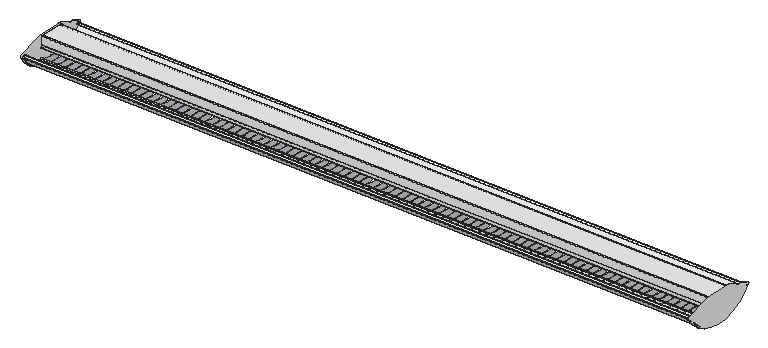
Revit family "LCBA92", category Lighting Fixtures, host Ceiling, Revit 2019 (continued)
Automatic sketch dimensions
  Extrusion 46 sketch curve to Extrusion 46 sketch curve = 0' - 0.04651"
  Extrusion 46 sketch curve to Extrusion 46 sketch curve = 0' - 0.11432"
  Extrusion 46 sketch curve to Extrusion 46 sketch curve = 0' - 0.00404"
  Extrusion 46 sketch curve to Extrusion 46 sketch curve = 0' - 0.06156"
  Extrusion 46 sketch curve to Extrusion 46 sketch curve = 0' - 0.05777"
  Extrusion 46 sketch curve to Extrusion 46 sketch curve = 0' - 0.24957"
  Extrusion 46 sketch curve to Extrusion 46 sketch curve = 0' - 0.1164"
  Extrusion 46 sketch curve to Extrusion 46 sketch curve = 0' - 0.0434"
  Extrusion 46 sketch curve to Extrusion 46 sketch curve = 0' - 0.08957"
  Extrusion 46 sketch curve to Extrusion 46 sketch curve = 0' - 0.05878"
  Extrusion 46 sketch curve to Extrusion 46 sketch curve = 0' - 0.02204"
  Extrusion 46 sketch curve to Extrusion 46 sketch curve = 0' - 0.11777"
  Extrusion 46 sketch curve to Extrusion 46 sketch curve = 0' - 1.81406"
  Extrusion 46 sketch curve to Extrusion 46 sketch curve = 0' - 0"
  Extrusion 46 sketch curve to Extrusion 46 sketch curve = 0' - 3.62674"
  Extrusion 46 sketch curve to Extrusion 46 sketch curve = 0' - 0.13108"
  Extrusion 46 sketch curve to Extrusion 46 sketch curve = 0' - 0.13208"
  Extrusion 46 sketch curve to Extrusion 46 sketch curve = 0' - 0.00107"
  Extrusion 46 sketch curve to Extrusion 46 sketch curve = 0' - 0.00122"
  Extrusion 46 sketch curve to Extrusion 46 sketch curve = 0' - 0.17689"
  Extrusion 46 sketch curve to Extrusion 46 sketch curve = 0' - 0.1749"
  Extrusion 47 sketch curve to Extrusion 47 sketch curve = 0' - 5.49786"
  Extrusion 47 sketch curve to Extrusion 47 sketch curve = 0' - 0.72846"
  Extrusion 47 sketch curve to Extrusion 47 sketch curve = 0' - 0.24983"
  Extrusion 47 sketch curve to Extrusion 47 sketch curve = 0' - 0.04916"
  Extrusion 47 sketch curve to Extrusion 47 sketch curve = 0' - 0.53161"
  Extrusion 47 sketch curve to Extrusion 47 sketch curve = 0' - 0.11075"
  Extrusion 47 sketch curve to Extrusion 47 sketch curve = 0' - 0.0006"
  Extrusion 47 sketch curve to Extrusion 47 sketch curve = 0' - 0.0618"
  Extrusion 47 sketch curve to Extrusion 47 sketch curve = 0' - 0.05701"
  Extrusion 47 sketch curve to Extrusion 47 sketch curve = 0' - 0.25043"
  Extrusion 47 sketch curve to Extrusion 47 sketch curve = 0' - 0.11521"
  Extrusion 47 sketch curve to Extrusion 47 sketch curve = 0' - 0.04319"
  Extrusion 47 sketch curve to Extrusion 47 sketch curve = 0' - 0.08945"
  Extrusion 47 sketch curve to Extrusion 47 sketch curve = 0' - 0.05729"
  Extrusion 47 sketch curve to Extrusion 47 sketch curve = 0' - 0.02148"
  Extrusion 47 sketch curve to Extrusion 47 sketch curve = 0' - 0.04651"
  Extrusion 47 sketch curve to Extrusion 47 sketch curve = 0' - 0.11432"
  Extrusion 47 sketch curve to Extrusion 47 sketch curve = 0' - 0.00404"
  Extrusion 47 sketch curve to Extrusion 47 sketch curve = 0' - 0.06156"
  Extrusion 47 sketch curve to Extrusion 47 sketch curve = 0' - 0.05777"
  Extrusion 47 sketch curve to Extrusion 47 sketch curve = 0' - 0.24957"
  Extrusion 47 sketch curve to Extrusion 47 sketch curve = 0' - 0.1164"
  Extrusion 47 sketch curve to Extrusion 47 sketch curve = 0' - 0.0434"
  Extrusion 47 sketch curve to Extrusion 47 sketch curve = 0' - 0.08957"
  Extrusion 47 sketch curve to Extrusion 47 sketch curve = 0' - 0.05878"
  Extrusion 47 sketch curve to Extrusion 47 sketch curve = 0' - 0.02204"
  Extrusion 47 sketch curve to Extrusion 47 sketch curve = 0' - 0.11777"
  Extrusion 47 sketch curve to Extrusion 47 sketch curve = 0' - 1.81406"
  Extrusion 47 sketch curve to Extrusion 47 sketch curve = 0' - 0"
  Extrusion 47 sketch curve to Extrusion 47 sketch curve = 0' - 3.62674"
  Extrusion 47 sketch curve to Extrusion 47 sketch curve = 0' - 0.13108"
  Extrusion 47 sketch curve to Extrusion 47 sketch curve = 0' - 0.13208"
  Extrusion 47 sketch curve to Extrusion 47 sketch curve = 0' - 0.00107"
  Extrusion 47 sketch curve to Extrusion 47 sketch curve = 0' - 0.00122"
  Extrusion 47 sketch curve to Extrusion 47 sketch curve = 0' - 0.17689"
  Extrusion 47 sketch curve to Extrusion 47 sketch curve = 0' - 0.1749"
  Extrusion 48 sketch curve to Extrusion 48 sketch curve = 0' - 5.49786"
  Extrusion 48 sketch curve to Extrusion 48 sketch curve = 0' - 0.72846"
  Extrusion 48 sketch curve to Extrusion 48 sketch curve = 0' - 0.24983"
  Extrusion 48 sketch curve to Extrusion 48 sketch curve = 0' - 0.04916"
  Extrusion 48 sketch curve to Extrusion 48 sketch curve = 0' - 0.53161"
  Extrusion 48 sketch curve to Extrusion 48 sketch curve = 0' - 0.11075"
  Extrusion 48 sketch curve to Extrusion 48 sketch curve = 0' - 0.0006"
  Extrusion 48 sketch curve to Extrusion 48 sketch curve = 0' - 0.0618"
  Extrusion 48 sketch curve to Extrusion 48 sketch curve = 0' - 0.05701"
  Extrusion 48 sketch curve to Extrusion 48 sketch curve = 0' - 0.25043"
  Extrusion 48 sketch curve to Extrusion 48 sketch curve = 0' - 0.11521"
  Extrusion 48 sketch curve to Extrusion 48 sketch curve = 0' - 0.04319"
  Extrusion 48 sketch curve to Extrusion 48 sketch curve = 0' - 0.08945"
  Extrusion 48 sketch curve to Extrusion 48 sketch curve = 0' - 0.05729"
  Extrusion 48 sketch curve to Extrusion 48 sketch curve = 0' - 0.02148"
  Extrusion 48 sketch curve to Extrusion 48 sketch curve = 0' - 0.04651"
  Extrusion 48 sketch curve to Extrusion 48 sketch curve = 0' - 0.11432"
  Extrusion 48 sketch curve to Extrusion 48 sketch curve = 0' - 0.00404"
  Extrusion 48 sketch curve to Extrusion 48 sketch curve = 0' - 0.06156"
  Extrusion 48 sketch curve to Extrusion 48 sketch curve = 0' - 0.05777"
  Extrusion 48 sketch curve to Extrusion 48 sketch curve = 0' - 0.24957"
  Extrusion 48 sketch curve to Extrusion 48 sketch curve = 0' - 0.1164"
  Extrusion 48 sketch curve to Extrusion 48 sketch curve = 0' - 0.0434"
  Extrusion 48 sketch curve to Extrusion 48 sketch curve = 0' - 0.08957"
  Extrusion 48 sketch curve to Extrusion 48 sketch curve = 0' - 0.05878"
  Extrusion 48 sketch curve to Extrusion 48 sketch curve = 0' - 0.02204"
  Extrusion 48 sketch curve to Extrusion 48 sketch curve = 0' - 0.11777"
  Extrusion 48 sketch curve to Extrusion 48 sketch curve = 0' - 1.81406"
  Extrusion 48 sketch curve to Extrusion 48 sketch curve = 0' - 0"
  Extrusion 48 sketch curve to Extrusion 48 sketch curve = 0' - 3.62674"
  Extrusion 48 sketch curve to Extrusion 48 sketch curve = 0' - 0.13108"
  Extrusion 48 sketch curve to Extrusion 48 sketch curve = 0' - 0.13208"
  Extrusion 48 sketch curve to Extrusion 48 sketch curve = 0' - 0.00107"
  Extrusion 48 sketch curve to Extrusion 48 sketch curve = 0' - 0.00122"
  Extrusion 48 sketch curve to Extrusion 48 sketch curve = 0' - 0.17689"
  Extrusion 48 sketch curve to Extrusion 48 sketch curve = 0' - 0.1749"
  Extrusion 49 sketch curve to Extrusion 49 sketch curve = 0' - 5.49786"
  Extrusion 49 sketch curve to Extrusion 49 sketch curve = 0' - 0.72846"
  Extrusion 49 sketch curve to Extrusion 49 sketch curve = 0' - 0.24983"
  Extrusion 49 sketch curve to Extrusion 49 sketch curve = 0' - 0.04916"
  Extrusion 49 sketch curve to Extrusion 49 sketch curve = 0' - 0.53161"
  Extrusion 49 sketch curve to Extrusion 49 sketch curve = 0' - 0.11075"
  Extrusion 49 sketch curve to Extrusion 49 sketch curve = 0' - 0.0006"
  Extrusion 49 sketch curve to Extrusion 49 sketch curve = 0' - 0.0618"
  Extrusion 49 sketch curve to Extrusion 49 sketch curve = 0' - 0.05701"
  Extrusion 49 sketch curve to Extrusion 49 sketch curve = 0' - 0.25043"
  Extrusion 49 sketch curve to Extrusion 49 sketch curve = 0' - 0.11521"
  Extrusion 49 sketch curve to Extrusion 49 sketch curve = 0' - 0.04319"
  Extrusion 49 sketch curve to Extrusion 49 sketch curve = 0' - 0.08945"
  Extrusion 49 sketch curve to Extrusion 49 sketch curve = 0' - 0.05729"
  Extrusion 49 sketch curve to Extrusion 49 sketch curve = 0' - 0.02148"
  Extrusion 49 sketch curve to Extrusion 49 sketch curve = 0' - 0.04651"
  Extrusion 49 sketch curve to Extrusion 49 sketch curve = 0' - 0.11432"
  Extrusion 49 sketch curve to Extrusion 49 sketch curve = 0' - 0.00404"
  Extrusion 49 sketch curve to Extrusion 49 sketch curve = 0' - 0.06156"
  Extrusion 49 sketch curve to Extrusion 49 sketch curve = 0' - 0.05777"
  Extrusion 49 sketch curve to Extrusion 49 sketch curve = 0' - 0.24957"
  Extrusion 49 sketch curve to Extrusion 49 sketch curve = 0' - 0.1164"
  Extrusion 49 sketch curve to Extrusion 49 sketch curve = 0' - 0.0434"
  Extrusion 49 sketch curve to Extrusion 49 sketch curve = 0' - 0.08957"
  Extrusion 49 sketch curve to Extrusion 49 sketch curve = 0' - 0.05878"
  Extrusion 49 sketch curve to Extrusion 49 sketch curve = 0' - 0.02204"
  Extrusion 49 sketch curve to Extrusion 49 sketch curve = 0' - 0.11777"
  Extrusion 49 sketch curve to Extrusion 49 sketch curve = 0' - 1.81406"
  Extrusion 49 sketch curve to Extrusion 49 sketch curve = 0' - 0"
  Extrusion 49 sketch curve to Extrusion 49 sketch curve = 0' - 3.62674"
  Extrusion 49 sketch curve to Extrusion 49 sketch curve = 0' - 0.13108"
  Extrusion 49 sketch curve to Extrusion 49 sketch curve = 0' - 0.13208"
  Extrusion 49 sketch curve to Extrusion 49 sketch curve = 0' - 0.00107"
  Extrusion 49 sketch curve to Extrusion 49 sketch curve = 0' - 0.00122"
  Extrusion 49 sketch curve to Extrusion 49 sketch curve = 0' - 0.17689"
  Extrusion 49 sketch curve to Extrusion 49 sketch curve = 0' - 0.1749"
  Extrusion 50 sketch curve to Extrusion 50 sketch curve = 0' - 5.49786"
  Extrusion 50 sketch curve to Extrusion 50 sketch curve = 0' - 0.72846"
  Extrusion 50 sketch curve to Extrusion 50 sketch curve = 0' - 0.24983"
  Extrusion 50 sketch curve to Extrusion 50 sketch curve = 0' - 0.04916"
  Extrusion 50 sketch curve to Extrusion 50 sketch curve = 0' - 0.53161"
  Extrusion 50 sketch curve to Extrusion 50 sketch curve = 0' - 0.11075"
  Extrusion 50 sketch curve to Extrusion 50 sketch curve = 0' - 0.0006"
  Extrusion 50 sketch curve to Extrusion 50 sketch curve = 0' - 0.0618"
  Extrusion 50 sketch curve to Extrusion 50 sketch curve = 0' - 0.05701"
  Extrusion 50 sketch curve to Extrusion 50 sketch curve = 0' - 0.25043"
  Extrusion 50 sketch curve to Extrusion 50 sketch curve = 0' - 0.11521"
  Extrusion 50 sketch curve to Extrusion 50 sketch curve = 0' - 0.04319"
  Extrusion 50 sketch curve to Extrusion 50 sketch curve = 0' - 0.08945"
  Extrusion 50 sketch curve to Extrusion 50 sketch curve = 0' - 0.05729"
  Extrusion 50 sketch curve to Extrusion 50 sketch curve = 0' - 0.02148"
  Extrusion 50 sketch curve to Extrusion 50 sketch curve = 0' - 0.04651"
  Extrusion 50 sketch curve to Extrusion 50 sketch curve = 0' - 0.11432"
  Extrusion 50 sketch curve to Extrusion 50 sketch curve = 0' - 0.00404"
  Extrusion 50 sketch curve to Extrusion 50 sketch curve = 0' - 0.06156"
  Extrusion 50 sketch curve to Extrusion 50 sketch curve = 0' - 0.05777"
  Extrusion 50 sketch curve to Extrusion 50 sketch curve = 0' - 0.24957"
  Extrusion 50 sketch curve to Extrusion 50 sketch curve = 0' - 0.1164"
  Extrusion 50 sketch curve to Extrusion 50 sketch curve = 0' - 0.0434"
  Extrusion 50 sketch curve to Extrusion 50 sketch curve = 0' - 0.08957"
  Extrusion 50 sketch curve to Extrusion 50 sketch curve = 0' - 0.05878"
  Extrusion 50 sketch curve to Extrusion 50 sketch curve = 0' - 0.02204"
  Extrusion 50 sketch curve to Extrusion 50 sketch curve = 0' - 0.11777"
  Extrusion 50 sketch curve to Extrusion 50 sketch curve = 0' - 1.81406"
  Extrusion 50 sketch curve to Extrusion 50 sketch curve = 0' - 0"
  Extrusion 50 sketch curve to Extrusion 50 sketch curve = 0' - 3.62674"
  Extrusion 50 sketch curve to Extrusion 50 sketch curve = 0' - 0.13108"
  Extrusion 50 sketch curve to Extrusion 50 sketch curve = 0' - 0.13208"
  Extrusion 50 sketch curve to Extrusion 50 sketch curve = 0' - 0.00107"
  Extrusion 50 sketch curve to Extrusion 50 sketch curve = 0' - 0.00122"
  Extrusion 50 sketch curve to Extrusion 50 sketch curve = 0' - 0.17689"
  Extrusion 50 sketch curve to Extrusion 50 sketch curve = 0' - 0.1749"
  Extrusion 51 sketch curve to Extrusion 51 sketch curve = 0' - 5.49786"
  Extrusion 51 sketch curve to Extrusion 51 sketch curve = 0' - 0.72846"
  Extrusion 51 sketch curve to Extrusion 51 sketch curve = 0' - 0.24983"
  Extrusion 51 sketch curve to Extrusion 51 sketch curve = 0' - 0.04916"
  Extrusion 51 sketch curve to Extrusion 51 sketch curve = 0' - 0.53161"
  Extrusion 51 sketch curve to Extrusion 51 sketch curve = 0' - 0.11075"
  Extrusion 51 sketch curve to Extrusion 51 sketch curve = 0' - 0.0006"
  Extrusion 51 sketch curve to Extrusion 51 sketch curve = 0' - 0.0618"
  Extrusion 51 sketch curve to Extrusion 51 sketch curve = 0' - 0.05701"
  Extrusion 51 sketch curve to Extrusion 51 sketch curve = 0' - 0.25043"
  Extrusion 51 sketch curve to Extrusion 51 sketch curve = 0' - 0.11521"
  Extrusion 51 sketch curve to Extrusion 51 sketch curve = 0' - 0.04319"
  Extrusion 51 sketch curve to Extrusion 51 sketch curve = 0' - 0.08945"
  Extrusion 51 sketch curve to Extrusion 51 sketch curve = 0' - 0.05729"
  Extrusion 51 sketch curve to Extrusion 51 sketch curve = 0' - 0.02148"
  Extrusion 51 sketch curve to Extrusion 51 sketch curve = 0' - 0.04651"
  Extrusion 51 sketch curve to Extrusion 51 sketch curve = 0' - 0.11432"
  Extrusion 51 sketch curve to Extrusion 51 sketch curve = 0' - 0.00404"
  Extrusion 51 sketch curve to Extrusion 51 sketch curve = 0' - 0.06156"
  Extrusion 51 sketch curve to Extrusion 51 sketch curve = 0' - 0.05777"
  Extrusion 51 sketch curve to Extrusion 51 sketch curve = 0' - 0.24957"
  Extrusion 51 sketch curve to Extrusion 51 sketch curve = 0' - 0.1164"
  Extrusion 51 sketch curve to Extrusion 51 sketch curve = 0' - 0.0434"
  Extrusion 51 sketch curve to Extrusion 51 sketch curve = 0' - 0.08957"
  Extrusion 51 sketch curve to Extrusion 51 sketch curve = 0' - 0.05878"
  Extrusion 51 sketch curve to Extrusion 51 sketch curve = 0' - 0.02204"
  Extrusion 51 sketch curve to Extrusion 51 sketch curve = 0' - 0.11777"
  Extrusion 51 sketch curve to Extrusion 51 sketch curve = 0' - 1.81406"
  Extrusion 51 sketch curve to Extrusion 51 sketch curve = 0' - 0"
  Extrusion 51 sketch curve to Extrusion 51 sketch curve = 0' - 3.62674"
  Extrusion 51 sketch curve to Extrusion 51 sketch curve = 0' - 0.13108"
  Extrusion 51 sketch curve to Extrusion 51 sketch curve = 0' - 0.13208"
  Extrusion 51 sketch curve to Extrusion 51 sketch curve = 0' - 0.00107"
  Extrusion 51 sketch curve to Extrusion 51 sketch curve = 0' - 0.00122"
  Extrusion 51 sketch curve to Extrusion 51 sketch curve = 0' - 0.17689"
  Extrusion 51 sketch curve to Extrusion 51 sketch curve = 0' - 0.1749"
  Extrusion 52 sketch curve to Extrusion 52 sketch curve = 0' - 5.49786"
  Extrusion 52 sketch curve to Extrusion 52 sketch curve = 0' - 0.72846"
  Extrusion 52 sketch curve to Extrusion 52 sketch curve = 0' - 0.24983"
  Extrusion 52 sketch curve to Extrusion 52 sketch curve = 0' - 0.04916"
  Extrusion 52 sketch curve to Extrusion 52 sketch curve = 0' - 0.53161"
  Extrusion 52 sketch curve to Extrusion 52 sketch curve = 0' - 0.11075"
  Extrusion 52 sketch curve to Extrusion 52 sketch curve = 0' - 0.0006"
  Extrusion 52 sketch curve to Extrusion 52 sketch curve = 0' - 0.0618"
  Extrusion 52 sketch curve to Extrusion 52 sketch curve = 0' - 0.05701"
  Extrusion 52 sketch curve to Extrusion 52 sketch curve = 0' - 0.25043"
  Extrusion 52 sketch curve to Extrusion 52 sketch curve = 0' - 0.11521"
  Extrusion 52 sketch curve to Extrusion 52 sketch curve = 0' - 0.04319"
  Extrusion 52 sketch curve to Extrusion 52 sketch curve = 0' - 0.08945"
  Extrusion 52 sketch curve to Extrusion 52 sketch curve = 0' - 0.05729"
  Extrusion 52 sketch curve to Extrusion 52 sketch curve = 0' - 0.02148"
  Extrusion 52 sketch curve to Extrusion 52 sketch curve = 0' - 0.04651"
  Extrusion 52 sketch curve to Extrusion 52 sketch curve = 0' - 0.11432"
  Extrusion 52 sketch curve to Extrusion 52 sketch curve = 0' - 0.00404"
  Extrusion 52 sketch curve to Extrusion 52 sketch curve = 0' - 0.06156"
  Extrusion 52 sketch curve to Extrusion 52 sketch curve = 0' - 0.05777"
  Extrusion 52 sketch curve to Extrusion 52 sketch curve = 0' - 0.24957"
  Extrusion 52 sketch curve to Extrusion 52 sketch curve = 0' - 0.1164"
  Extrusion 52 sketch curve to Extrusion 52 sketch curve = 0' - 0.0434"
  Extrusion 52 sketch curve to Extrusion 52 sketch curve = 0' - 0.08957"
  Extrusion 52 sketch curve to Extrusion 52 sketch curve = 0' - 0.05878"
  Extrusion 52 sketch curve to Extrusion 52 sketch curve = 0' - 0.02204"
  Extrusion 52 sketch curve to Extrusion 52 sketch curve = 0' - 0.11777"
  Extrusion 52 sketch curve to Extrusion 52 sketch curve = 0' - 1.81406"
  Extrusion 52 sketch curve to Extrusion 52 sketch curve = 0' - 0"
  Extrusion 52 sketch curve to Extrusion 52 sketch curve = 0' - 3.62674"
  Extrusion 52 sketch curve to Extrusion 52 sketch curve = 0' - 0.13108"
  Extrusion 52 sketch curve to Extrusion 52 sketch curve = 0' - 0.13208"
  Extrusion 52 sketch curve to Extrusion 52 sketch curve = 0' - 0.00107"
  Extrusion 52 sketch curve to Extrusion 52 sketch curve = 0' - 0.00122"
  Extrusion 52 sketch curve to Extrusion 52 sketch curve = 0' - 0.17689"
  Extrusion 52 sketch curve to Extrusion 52 sketch curve = 0' - 0.1749"
  Extrusion 53 sketch curve to Extrusion 53 sketch curve = 0' - 5.49786"
  Extrusion 53 sketch curve to Extrusion 53 sketch curve = 0' - 0.72846"
  Extrusion 53 sketch curve to Extrusion 53 sketch curve = 0' - 0.24983"
  Extrusion 53 sketch curve to Extrusion 53 sketch curve = 0' - 0.04916"
  Extrusion 53 sketch curve to Extrusion 53 sketch curve = 0' - 0.53161"
  Extrusion 53 sketch curve to Extrusion 53 sketch curve = 0' - 0.11075"
  Extrusion 53 sketch curve to Extrusion 53 sketch curve = 0' - 0.0006"
  Extrusion 53 sketch curve to Extrusion 53 sketch curve = 0' - 0.0618"
  Extrusion 53 sketch curve to Extrusion 53 sketch curve = 0' - 0.05701"
  Extrusion 53 sketch curve to Extrusion 53 sketch curve = 0' - 0.25043"
  Extrusion 53 sketch curve to Extrusion 53 sketch curve = 0' - 0.11521"
  Extrusion 53 sketch curve to Extrusion 53 sketch curve = 0' - 0.04319"
  Extrusion 53 sketch curve to Extrusion 53 sketch curve = 0' - 0.08945"
  Extrusion 53 sketch curve to Extrusion 53 sketch curve = 0' - 0.05729"
  Extrusion 53 sketch curve to Extrusion 53 sketch curve = 0' - 0.02148"
  Extrusion 53 sketch curve to Extrusion 53 sketch curve = 0' - 0.04651"
  Extrusion 53 sketch curve to Extrusion 53 sketch curve = 0' - 0.11432"
  Extrusion 53 sketch curve to Extrusion 53 sketch curve = 0' - 0.00404"
  Extrusion 53 sketch curve to Extrusion 53 sketch curve = 0' - 0.06156"
  Extrusion 53 sketch curve to Extrusion 53 sketch curve = 0' - 0.05777"
  Extrusion 53 sketch curve to Extrusion 53 sketch curve = 0' - 0.24957"
  Extrusion 53 sketch curve to Extrusion 53 sketch curve = 0' - 0.1164"
  Extrusion 53 sketch curve to Extrusion 53 sketch curve = 0' - 0.0434"
  Extrusion 53 sketch curve to Extrusion 53 sketch curve = 0' - 0.08957"
  Extrusion 53 sketch curve to Extrusion 53 sketch curve = 0' - 0.05878"
  Extrusion 53 sketch curve to Extrusion 53 sketch curve = 0' - 0.02204"
  Extrusion 53 sketch curve to Extrusion 53 sketch curve = 0' - 0.11777"
  Extrusion 53 sketch curve to Extrusion 53 sketch curve = 0' - 1.81406"
  Extrusion 53 sketch curve to Extrusion 53 sketch curve = 0' - 0"
  Extrusion 53 sketch curve to Extrusion 53 sketch curve = 0' - 3.62674"
  Extrusion 53 sketch curve to Extrusion 53 sketch curve = 0' - 0.13108"
  Extrusion 53 sketch curve to Extrusion 53 sketch curve = 0' - 0.13208"
  Extrusion 53 sketch curve to Extrusion 53 sketch curve = 0' - 0.00107"
  Extrusion 53 sketch curve to Extrusion 53 sketch curve = 0' - 0.00122"
  Extrusion 53 sketch curve to Extrusion 53 sketch curve = 0' - 0.17689"
  Extrusion 53 sketch curve to Extrusion 53 sketch curve = 0' - 0.1749"
  Extrusion 54 sketch curve to Extrusion 54 sketch curve = 0' - 5.49786"
  Extrusion 54 sketch curve to Extrusion 54 sketch curve = 0' - 0.72846"
  Extrusion 54 sketch curve to Extrusion 54 sketch curve = 0' - 0.24983"
  Extrusion 54 sketch curve to Extrusion 54 sketch curve = 0' - 0.04916"
  Extrusion 54 sketch curve to Extrusion 54 sketch curve = 0' - 0.53161"
  Extrusion 54 sketch curve to Extrusion 54 sketch curve = 0' - 0.11075"
  Extrusion 54 sketch curve to Extrusion 54 sketch curve = 0' - 0.0006"
  Extrusion 54 sketch curve to Extrusion 54 sketch curve = 0' - 0.0618"
  Extrusion 54 sketch curve to Extrusion 54 sketch curve = 0' - 0.05701"
  Extrusion 54 sketch curve to Extrusion 54 sketch curve = 0' - 0.25043"
  Extrusion 54 sketch curve to Extrusion 54 sketch curve = 0' - 0.11521"
  Extrusion 54 sketch curve to Extrusion 54 sketch curve = 0' - 0.04319"
  Extrusion 54 sketch curve to Extrusion 54 sketch curve = 0' - 0.08945"
  Extrusion 54 sketch curve to Extrusion 54 sketch curve = 0' - 0.05729"
  Extrusion 54 sketch curve to Extrusion 54 sketch curve = 0' - 0.02148"
  Extrusion 54 sketch curve to Extrusion 54 sketch curve = 0' - 0.04651"
  Extrusion 54 sketch curve to Extrusion 54 sketch curve = 0' - 0.11432"
  Extrusion 54 sketch curve to Extrusion 54 sketch curve = 0' - 0.00404"
  Extrusion 54 sketch curve to Extrusion 54 sketch curve = 0' - 0.06156"
  Extrusion 54 sketch curve to Extrusion 54 sketch curve = 0' - 0.05777"
  Extrusion 54 sketch curve to Extrusion 54 sketch curve = 0' - 0.24957"
  Extrusion 54 sketch curve to Extrusion 54 sketch curve = 0' - 0.1164"
  Extrusion 54 sketch curve to Extrusion 54 sketch curve = 0' - 0.0434"
  Extrusion 54 sketch curve to Extrusion 54 sketch curve = 0' - 0.08957"
  Extrusion 54 sketch curve to Extrusion 54 sketch curve = 0' - 0.05878"
  Extrusion 54 sketch curve to Extrusion 54 sketch curve = 0' - 0.02204"
  Extrusion 54 sketch curve to Extrusion 54 sketch curve = 0' - 0.11777"
  Extrusion 54 sketch curve to Extrusion 54 sketch curve = 0' - 1.81406"
  Extrusion 54 sketch curve to Extrusion 54 sketch curve = 0' - 0"
  Extrusion 54 sketch curve to Extrusion 54 sketch curve = 0' - 3.62674"
  Extrusion 54 sketch curve to Extrusion 54 sketch curve = 0' - 0.13108"
  Extrusion 54 sketch curve to Extrusion 54 sketch curve = 0' - 0.13208"
  Extrusion 54 sketch curve to Extrusion 54 sketch curve = 0' - 0.00107"
  Extrusion 54 sketch curve to Extrusion 54 sketch curve = 0' - 0.00122"
  Extrusion 54 sketch curve to Extrusion 54 sketch curve = 0' - 0.17689"
  Extrusion 54 sketch curve to Extrusion 54 sketch curve = 0' - 0.1749"
  Extrusion 55 sketch curve to Extrusion 55 sketch curve = 0' - 5.49786"
  Extrusion 55 sketch curve to Extrusion 55 sketch curve = 0' - 0.72846"
  Extrusion 55 sketch curve to Extrusion 55 sketch curve = 0' - 0.24983"
  Extrusion 55 sketch curve to Extrusion 55 sketch curve = 0' - 0.04916"
  Extrusion 55 sketch curve to Extrusion 55 sketch curve = 0' - 0.53161"
  Extrusion 55 sketch curve to Extrusion 55 sketch curve = 0' - 0.11075"
  Extrusion 55 sketch curve to Extrusion 55 sketch curve = 0' - 0.0006"
  Extrusion 55 sketch curve to Extrusion 55 sketch curve = 0' - 0.0618"
  Extrusion 55 sketch curve to Extrusion 55 sketch curve = 0' - 0.05701"
  Extrusion 55 sketch curve to Extrusion 55 sketch curve = 0' - 0.25043"
  Extrusion 55 sketch curve to Extrusion 55 sketch curve = 0' - 0.11521"
  Extrusion 55 sketch curve to Extrusion 55 sketch curve = 0' - 0.04319"
  Extrusion 55 sketch curve to Extrusion 55 sketch curve = 0' - 0.08945"
  Extrusion 55 sketch curve to Extrusion 55 sketch curve = 0' - 0.05729"
  Extrusion 55 sketch curve to Extrusion 55 sketch curve = 0' - 0.02148"
  Extrusion 55 sketch curve to Extrusion 55 sketch curve = 0' - 0.04651"
  Extrusion 55 sketch curve to Extrusion 55 sketch curve = 0' - 0.11432"
  Extrusion 55 sketch curve to Extrusion 55 sketch curve = 0' - 0.00404"
  Extrusion 55 sketch curve to Extrusion 55 sketch curve = 0' - 0.06156"
  Extrusion 55 sketch curve to Extrusion 55 sketch curve = 0' - 0.05777"
  Extrusion 55 sketch curve to Extrusion 55 sketch curve = 0' - 0.24957"
  Extrusion 55 sketch curve to Extrusion 55 sketch curve = 0' - 0.1164"
  Extrusion 55 sketch curve to Extrusion 55 sketch curve = 0' - 0.0434"
  Extrusion 55 sketch curve to Extrusion 55 sketch curve = 0' - 0.08957"
  Extrusion 55 sketch curve to Extrusion 55 sketch curve = 0' - 0.05878"
  Extrusion 55 sketch curve to Extrusion 55 sketch curve = 0' - 0.02204"
  Extrusion 55 sketch curve to Extrusion 55 sketch curve = 0' - 0.11777"
  Extrusion 55 sketch curve to Extrusion 55 sketch curve = 0' - 1.81406"
  Extrusion 55 sketch curve to Extrusion 55 sketch curve = 0' - 0"
  Extrusion 55 sketch curve to Extrusion 55 sketch curve = 0' - 3.62674"
  Extrusion 55 sketch curve to Extrusion 55 sketch curve = 0' - 0.13108"
  Extrusion 55 sketch curve to Extrusion 55 sketch curve = 0' - 0.13208"
  Extrusion 55 sketch curve to Extrusion 55 sketch curve = 0' - 0.00107"
  Extrusion 55 sketch curve to Extrusion 55 sketch curve = 0' - 0.00122"
  Extrusion 55 sketch curve to Extrusion 55 sketch curve = 0' - 0.17689"
  Extrusion 55 sketch curve to Extrusion 55 sketch curve = 0' - 0.1749"
  Extrusion 56 sketch curve to Extrusion 56 sketch curve = 0' - 5.49786"
  Extrusion 56 sketch curve to Extrusion 56 sketch curve = 0' - 0.72846"
  Extrusion 56 sketch curve to Extrusion 56 sketch curve = 0' - 0.24983"
  Extrusion 56 sketch curve to Extrusion 56 sketch curve = 0' - 0.04916"
  Extrusion 56 sketch curve to Extrusion 56 sketch curve = 0' - 0.53161"
  Extrusion 56 sketch curve to Extrusion 56 sketch curve = 0' - 0.11075"
  Extrusion 56 sketch curve to Extrusion 56 sketch curve = 0' - 0.0006"
  Extrusion 56 sketch curve to Extrusion 56 sketch curve = 0' - 0.0618"
  Extrusion 56 sketch curve to Extrusion 56 sketch curve = 0' - 0.05701"
  Extrusion 56 sketch curve to Extrusion 56 sketch curve = 0' - 0.25043"
  Extrusion 56 sketch curve to Extrusion 56 sketch curve = 0' - 0.11521"
  Extrusion 56 sketch curve to Extrusion 56 sketch curve = 0' - 0.04319"
  Extrusion 56 sketch curve to Extrusion 56 sketch curve = 0' - 0.08945"
  Extrusion 56 sketch curve to Extrusion 56 sketch curve = 0' - 0.05729"
  Extrusion 56 sketch curve to Extrusion 56 sketch curve = 0' - 0.02148"
  Extrusion 56 sketch curve to Extrusion 56 sketch curve = 0' - 0.04651"
  Extrusion 56 sketch curve to Extrusion 56 sketch curve = 0' - 0.11432"
  Extrusion 56 sketch curve to Extrusion 56 sketch curve = 0' - 0.00404"
  Extrusion 56 sketch curve to Extrusion 56 sketch curve = 0' - 0.06156"
  Extrusion 56 sketch curve to Extrusion 56 sketch curve = 0' - 0.05777"
  Extrusion 56 sketch curve to Extrusion 56 sketch curve = 0' - 0.24957"
  Extrusion 56 sketch curve to Extrusion 56 sketch curve = 0' - 0.1164"
  Extrusion 56 sketch curve to Extrusion 56 sketch curve = 0' - 0.0434"
  Extrusion 56 sketch curve to Extrusion 56 sketch curve = 0' - 0.08957"
  Extrusion 56 sketch curve to Extrusion 56 sketch curve = 0' - 0.05878"
  Extrusion 56 sketch curve to Extrusion 56 sketch curve = 0' - 0.02204"
  Extrusion 56 sketch curve to Extrusion 56 sketch curve = 0' - 0.11777"
  Extrusion 56 sketch curve to Extrusion 56 sketch curve = 0' - 1.81406"
  Extrusion 56 sketch curve to Extrusion 56 sketch curve = 0' - 0"
  Extrusion 56 sketch curve to Extrusion 56 sketch curve = 0' - 3.62674"
  Extrusion 56 sketch curve to Extrusion 56 sketch curve = 0' - 0.13108"
  Extrusion 56 sketch curve to Extrusion 56 sketch curve = 0' - 0.13208"
  Extrusion 56 sketch curve to Extrusion 56 sketch curve = 0' - 0.00107"
  Extrusion 56 sketch curve to Extrusion 56 sketch curve = 0' - 0.00122"
  Extrusion 56 sketch curve to Extrusion 56 sketch curve = 0' - 0.17689"
  Extrusion 56 sketch curve to Extrusion 56 sketch curve = 0' - 0.1749"
  Extrusion 57 sketch curve to Extrusion 57 sketch curve = 0' - 5.49786"
  Extrusion 57 sketch curve to Extrusion 57 sketch curve = 0' - 0.72846"
  Extrusion 57 sketch curve to Extrusion 57 sketch curve = 0' - 0.24983"
  Extrusion 57 sketch curve to Extrusion 57 sketch curve = 0' - 0.04916"
  Extrusion 57 sketch curve to Extrusion 57 sketch curve = 0' - 0.53161"
  Extrusion 57 sketch curve to Extrusion 57 sketch curve = 0' - 0.11075"
  Extrusion 57 sketch curve to Extrusion 57 sketch curve = 0' - 0.0006"
  Extrusion 57 sketch curve to Extrusion 57 sketch curve = 0' - 0.0618"
  Extrusion 57 sketch curve to Extrusion 57 sketch curve = 0' - 0.05701"
  Extrusion 57 sketch curve to Extrusion 57 sketch curve = 0' - 0.25043"
  Extrusion 57 sketch curve to Extrusion 57 sketch curve = 0' - 0.11521"
  Extrusion 57 sketch curve to Extrusion 57 sketch curve = 0' - 0.04319"
  Extrusion 57 sketch curve to Extrusion 57 sketch curve = 0' - 0.08945"
  Extrusion 57 sketch curve to Extrusion 57 sketch curve = 0' - 0.05729"
  Extrusion 57 sketch curve to Extrusion 57 sketch curve = 0' - 0.02148"
  Extrusion 57 sketch curve to Extrusion 57 sketch curve = 0' - 0.04651"
  Extrusion 57 sketch curve to Extrusion 57 sketch curve = 0' - 0.11432"
  Extrusion 57 sketch curve to Extrusion 57 sketch curve = 0' - 0.00404"
  Extrusion 57 sketch curve to Extrusion 57 sketch curve = 0' - 0.06156"
  Extrusion 57 sketch curve to Extrusion 57 sketch curve = 0' - 0.05777"
  Extrusion 57 sketch curve to Extrusion 57 sketch curve = 0' - 0.24957"
  Extrusion 57 sketch curve to Extrusion 57 sketch curve = 0' - 0.1164"
  Extrusion 57 sketch curve to Extrusion 57 sketch curve = 0' - 0.0434"
  Extrusion 57 sketch curve to Extrusion 57 sketch curve = 0' - 0.08957"
  Extrusion 57 sketch curve to Extrusion 57 sketch curve = 0' - 0.05878"
  Extrusion 57 sketch curve to Extrusion 57 sketch curve = 0' - 0.02204"
  Extrusion 57 sketch curve to Extrusion 57 sketch curve = 0' - 0.11777"
  Extrusion 57 sketch curve to Extrusion 57 sketch curve = 0' - 1.81406"
  Extrusion 57 sketch curve to Extrusion 57 sketch curve = 0' - 0"
  Extrusion 57 sketch curve to Extrusion 57 sketch curve = 0' - 3.62674"
  Extrusion 57 sketch curve to Extrusion 57 sketch curve = 0' - 0.13108"
  Extrusion 57 sketch curve to Extrusion 57 sketch curve = 0' - 0.13208"
  Extrusion 57 sketch curve to Extrusion 57 sketch curve = 0' - 0.00107"
  Extrusion 57 sketch curve to Extrusion 57 sketch curve = 0' - 0.00122"
  Extrusion 57 sketch curve to Extrusion 57 sketch curve = 0' - 0.17689"
  Extrusion 57 sketch curve to Extrusion 57 sketch curve = 0' - 0.1749"
  Extrusion 58 sketch curve to Extrusion 58 sketch curve = 0' - 5.49786"
  Extrusion 58 sketch curve to Extrusion 58 sketch curve = 0' - 0.72846"
  Extrusion 58 sketch curve to Extrusion 58 sketch curve = 0' - 0.24983"
  Extrusion 58 sketch curve to Extrusion 58 sketch curve = 0' - 0.04916"
  Extrusion 58 sketch curve to Extrusion 58 sketch curve = 0' - 0.53161"
  Extrusion 58 sketch curve to Extrusion 58 sketch curve = 0' - 0.11075"
  Extrusion 58 sketch curve to Extrusion 58 sketch curve = 0' - 0.0006"
  Extrusion 58 sketch curve to Extrusion 58 sketch curve = 0' - 0.0618"
  Extrusion 58 sketch curve to Extrusion 58 sketch curve = 0' - 0.05701"
  Extrusion 58 sketch curve to Extrusion 58 sketch curve = 0' - 0.25043"
  Extrusion 58 sketch curve to Extrusion 58 sketch curve = 0' - 0.11521"
  Extrusion 58 sketch curve to Extrusion 58 sketch curve = 0' - 0.04319"
  Extrusion 58 sketch curve to Extrusion 58 sketch curve = 0' - 0.08945"
  Extrusion 58 sketch curve to Extrusion 58 sketch curve = 0' - 0.05729"
  Extrusion 58 sketch curve to Extrusion 58 sketch curve = 0' - 0.02148"
  Extrusion 58 sketch curve to Extrusion 58 sketch curve = 0' - 0.04651"
  Extrusion 58 sketch curve to Extrusion 58 sketch curve = 0' - 0.11432"
  Extrusion 58 sketch curve to Extrusion 58 sketch curve = 0' - 0.00404"
  Extrusion 58 sketch curve to Extrusion 58 sketch curve = 0' - 0.06156"
  Extrusion 58 sketch curve to Extrusion 58 sketch curve = 0' - 0.05777"
  Extrusion 58 sketch curve to Extrusion 58 sketch curve = 0' - 0.24957"
  Extrusion 58 sketch curve to Extrusion 58 sketch curve = 0' - 0.1164"
  Extrusion 58 sketch curve to Extrusion 58 sketch curve = 0' - 0.0434"
  Extrusion 58 sketch curve to Extrusion 58 sketch curve = 0' - 0.08957"
  Extrusion 58 sketch curve to Extrusion 58 sketch curve = 0' - 0.05878"
  Extrusion 58 sketch curve to Extrusion 58 sketch curve = 0' - 0.02204"
  Extrusion 58 sketch curve to Extrusion 58 sketch curve = 0' - 0.11777"
  Extrusion 58 sketch curve to Extrusion 58 sketch curve = 0' - 1.81406"
  Extrusion 58 sketch curve to Extrusion 58 sketch curve = 0' - 0"
  Extrusion 58 sketch curve to Extrusion 58 sketch curve = 0' - 3.62674"
  Extrusion 58 sketch curve to Extrusion 58 sketch curve = 0' - 0.13108"
  Extrusion 58 sketch curve to Extrusion 58 sketch curve = 0' - 0.13208"
  Extrusion 58 sketch curve to Extrusion 58 sketch curve = 0' - 0.00107"
  Extrusion 58 sketch curve to Extrusion 58 sketch curve = 0' - 0.00122"
  Extrusion 58 sketch curve to Extrusion 58 sketch curve = 0' - 0.17689"
  Extrusion 58 sketch curve to Extrusion 58 sketch curve = 0' - 0.1749"
  Extrusion 59 sketch curve to Extrusion 59 sketch curve = 0' - 5.49786"
  Extrusion 59 sketch curve to Extrusion 59 sketch curve = 0' - 0.72846"
  Extrusion 59 sketch curve to Extrusion 59 sketch curve = 0' - 0.24983"
  Extrusion 59 sketch curve to Extrusion 59 sketch curve = 0' - 0.04916"
  Extrusion 59 sketch curve to Extrusion 59 sketch curve = 0' - 0.53161"
  Extrusion 59 sketch curve to Extrusion 59 sketch curve = 0' - 0.11075"
  Extrusion 59 sketch curve to Extrusion 59 sketch curve = 0' - 0.0006"
  Extrusion 59 sketch curve to Extrusion 59 sketch curve = 0' - 0.0618"
  Extrusion 59 sketch curve to Extrusion 59 sketch curve = 0' - 0.05701"
  Extrusion 59 sketch curve to Extrusion 59 sketch curve = 0' - 0.25043"
  Extrusion 59 sketch curve to Extrusion 59 sketch curve = 0' - 0.11521"
  Extrusion 59 sketch curve to Extrusion 59 sketch curve = 0' - 0.04319"
  Extrusion 59 sketch curve to Extrusion 59 sketch curve = 0' - 0.08945"
  Extrusion 59 sketch curve to Extrusion 59 sketch curve = 0' - 0.05729"
  Extrusion 59 sketch curve to Extrusion 59 sketch curve = 0' - 0.02148"
  Extrusion 59 sketch curve to Extrusion 59 sketch curve = 0' - 0.04651"
  Extrusion 59 sketch curve to Extrusion 59 sketch curve = 0' - 0.11432"
  Extrusion 59 sketch curve to Extrusion 59 sketch curve = 0' - 0.00404"
  Extrusion 59 sketch curve to Extrusion 59 sketch curve = 0' - 0.06156"
  Extrusion 59 sketch curve to Extrusion 59 sketch curve = 0' - 0.05777"
  Extrusion 59 sketch curve to Extrusion 59 sketch curve = 0' - 0.24957"
  Extrusion 59 sketch curve to Extrusion 59 sketch curve = 0' - 0.1164"
  Extrusion 59 sketch curve to Extrusion 59 sketch curve = 0' - 0.0434"
  Extrusion 59 sketch curve to Extrusion 59 sketch curve = 0' - 0.08957"
  Extrusion 59 sketch curve to Extrusion 59 sketch curve = 0' - 0.05878"
  Extrusion 59 sketch curve to Extrusion 59 sketch curve = 0' - 0.02204"
  Extrusion 59 sketch curve to Extrusion 59 sketch curve = 0' - 0.11777"
  Extrusion 59 sketch curve to Extrusion 59 sketch curve = 0' - 1.81406"
  Extrusion 59 sketch curve to Extrusion 59 sketch curve = 0' - 0"
  Extrusion 59 sketch curve to Extrusion 59 sketch curve = 0' - 3.62674"
  Extrusion 59 sketch curve to Extrusion 59 sketch curve = 0' - 0.13108"
  Extrusion 59 sketch curve to Extrusion 59 sketch curve = 0' - 0.13208"
  Extrusion 59 sketch curve to Extrusion 59 sketch curve = 0' - 0.00107"
  Extrusion 59 sketch curve to Extrusion 59 sketch curve = 0' - 0.00122"
  Extrusion 59 sketch curve to Extrusion 59 sketch curve = 0' - 0.17689"
  Extrusion 59 sketch curve to Extrusion 59 sketch curve = 0' - 0.1749"
  Extrusion 60 sketch curve to Extrusion 60 sketch curve = 0' - 5.49786"
  Extrusion 60 sketch curve to Extrusion 60 sketch curve = 0' - 0.72846"
  Extrusion 60 sketch curve to Extrusion 60 sketch curve = 0' - 0.24983"
  Extrusion 60 sketch curve to Extrusion 60 sketch curve = 0' - 0.04916"
  Extrusion 60 sketch curve to Extrusion 60 sketch curve = 0' - 0.53161"
  Extrusion 60 sketch curve to Extrusion 60 sketch curve = 0' - 0.11075"
  Extrusion 60 sketch curve to Extrusion 60 sketch curve = 0' - 0.0006"
  Extrusion 60 sketch curve to Extrusion 60 sketch curve = 0' - 0.0618"
  Extrusion 60 sketch curve to Extrusion 60 sketch curve = 0' - 0.05701"
  Extrusion 60 sketch curve to Extrusion 60 sketch curve = 0' - 0.25043"
  Extrusion 60 sketch curve to Extrusion 60 sketch curve = 0' - 0.11521"
  Extrusion 60 sketch curve to Extrusion 60 sketch curve = 0' - 0.04319"
  Extrusion 60 sketch curve to Extrusion 60 sketch curve = 0' - 0.08945"
  Extrusion 60 sketch curve to Extrusion 60 sketch curve = 0' - 0.05729"
  Extrusion 60 sketch curve to Extrusion 60 sketch curve = 0' - 0.02148"
  Extrusion 60 sketch curve to Extrusion 60 sketch curve = 0' - 0.04651"
  Extrusion 60 sketch curve to Extrusion 60 sketch curve = 0' - 0.11432"
  Extrusion 60 sketch curve to Extrusion 60 sketch curve = 0' - 0.00404"
  Extrusion 60 sketch curve to Extrusion 60 sketch curve = 0' - 0.06156"
  Extrusion 60 sketch curve to Extrusion 60 sketch curve = 0' - 0.05777"
  Extrusion 60 sketch curve to Extrusion 60 sketch curve = 0' - 0.24957"
  Extrusion 60 sketch curve to Extrusion 60 sketch curve = 0' - 0.1164"
  Extrusion 60 sketch curve to Extrusion 60 sketch curve = 0' - 0.0434"
  Extrusion 60 sketch curve to Extrusion 60 sketch curve = 0' - 0.08957"
  Extrusion 60 sketch curve to Extrusion 60 sketch curve = 0' - 0.05878"
  Extrusion 60 sketch curve to Extrusion 60 sketch curve = 0' - 0.02204"
  Extrusion 60 sketch curve to Extrusion 60 sketch curve = 0' - 0.11777"
  Extrusion 60 sketch curve to Extrusion 60 sketch curve = 0' - 1.81406"
  Extrusion 60 sketch curve to Extrusion 60 sketch curve = 0' - 0"
  Extrusion 60 sketch curve to Extrusion 60 sketch curve = 0' - 3.62674"
  Extrusion 60 sketch curve to Extrusion 60 sketch curve = 0' - 0.13108"
  Extrusion 60 sketch curve to Extrusion 60 sketch curve = 0' - 0.13208"
  Extrusion 60 sketch curve to Extrusion 60 sketch curve = 0' - 0.00107"
  Extrusion 60 sketch curve to Extrusion 60 sketch curve = 0' - 0.00122"
  Extrusion 60 sketch curve to Extrusion 60 sketch curve = 0' - 0.17689"
  Extrusion 60 sketch curve to Extrusion 60 sketch curve = 0' - 0.1749"
  Extrusion 61 sketch curve to Extrusion 61 sketch curve = 0' - 5.49786"
  Extrusion 61 sketch curve to Extrusion 61 sketch curve = 0' - 0.72846"
  Extrusion 61 sketch curve to Extrusion 61 sketch curve = 0' - 0.24983"
  Extrusion 61 sketch curve to Extrusion 61 sketch curve = 0' - 0.04916"
  Extrusion 61 sketch curve to Extrusion 61 sketch curve = 0' - 0.53161"
  Extrusion 61 sketch curve to Extrusion 61 sketch curve = 0' - 0.11075"
  Extrusion 61 sketch curve to Extrusion 61 sketch curve = 0' - 0.0006"
  Extrusion 61 sketch curve to Extrusion 61 sketch curve = 0' - 0.0618"
  Extrusion 61 sketch curve to Extrusion 61 sketch curve = 0' - 0.05701"
  Extrusion 61 sketch curve to Extrusion 61 sketch curve = 0' - 0.25043"
  Extrusion 61 sketch curve to Extrusion 61 sketch curve = 0' - 0.11521"
  Extrusion 61 sketch curve to Extrusion 61 sketch curve = 0' - 0.04319"
  Extrusion 61 sketch curve to Extrusion 61 sketch curve = 0' - 0.08945"
  Extrusion 61 sketch curve to Extrusion 61 sketch curve = 0' - 0.05729"
  Extrusion 61 sketch curve to Extrusion 61 sketch curve = 0' - 0.02148"
  Extrusion 61 sketch curve to Extrusion 61 sketch curve = 0' - 0.04651"
  Extrusion 61 sketch curve to Extrusion 61 sketch curve = 0' - 0.11432"
  Extrusion 61 sketch curve to Extrusion 61 sketch curve = 0' - 0.00404"
  Extrusion 61 sketch curve to Extrusion 61 sketch curve = 0' - 0.06156"
  Extrusion 61 sketch curve to Extrusion 61 sketch curve = 0' - 0.05777"
  Extrusion 61 sketch curve to Extrusion 61 sketch curve = 0' - 0.24957"
  Extrusion 61 sketch curve to Extrusion 61 sketch curve = 0' - 0.1164"
  Extrusion 61 sketch curve to Extrusion 61 sketch curve = 0' - 0.0434"
  Extrusion 61 sketch curve to Extrusion 61 sketch curve = 0' - 0.08957"
  Extrusion 61 sketch curve to Extrusion 61 sketch curve = 0' - 0.05878"
  Extrusion 61 sketch curve to Extrusion 61 sketch curve = 0' - 0.02204"
  Extrusion 61 sketch curve to Extrusion 61 sketch curve = 0' - 0.11777"
  Extrusion 61 sketch curve to Extrusion 61 sketch curve = 0' - 1.81406"
  Extrusion 61 sketch curve to Extrusion 61 sketch curve = 0' - 0"
  Extrusion 61 sketch curve to Extrusion 61 sketch curve = 0' - 3.62674"
  Extrusion 61 sketch curve to Extrusion 61 sketch curve = 0' - 0.13108"
  Extrusion 61 sketch curve to Extrusion 61 sketch curve = 0' - 0.13208"
  Extrusion 61 sketch curve to Extrusion 61 sketch curve = 0' - 0.00107"
  Extrusion 61 sketch curve to Extrusion 61 sketch curve = 0' - 0.00122"
  Extrusion 61 sketch curve to Extrusion 61 sketch curve = 0' - 0.17689"
  Extrusion 61 sketch curve to Extrusion 61 sketch curve = 0' - 0.1749"
  Extrusion 62 sketch curve to Extrusion 62 sketch curve = 0' - 5.49786"
  Extrusion 62 sketch curve to Extrusion 62 sketch curve = 0' - 0.72846"
  Extrusion 62 sketch curve to Extrusion 62 sketch curve = 0' - 0.24983"
  Extrusion 62 sketch curve to Extrusion 62 sketch curve = 0' - 0.04916"
  Extrusion 62 sketch curve to Extrusion 62 sketch curve = 0' - 0.53161"
  Extrusion 62 sketch curve to Extrusion 62 sketch curve = 0' - 0.11075"
  Extrusion 62 sketch curve to Extrusion 62 sketch curve = 0' - 0.0006"
  Extrusion 62 sketch curve to Extrusion 62 sketch curve = 0' - 0.0618"
  Extrusion 62 sketch curve to Extrusion 62 sketch curve = 0' - 0.05701"
  Extrusion 62 sketch curve to Extrusion 62 sketch curve = 0' - 0.25043"
  Extrusion 62 sketch curve to Extrusion 62 sketch curve = 0' - 0.11521"
  Extrusion 62 sketch curve to Extrusion 62 sketch curve = 0' - 0.04319"
  Extrusion 62 sketch curve to Extrusion 62 sketch curve = 0' - 0.08945"
  Extrusion 62 sketch curve to Extrusion 62 sketch curve = 0' - 0.05729"
  Extrusion 62 sketch curve to Extrusion 62 sketch curve = 0' - 0.02148"
  Extrusion 62 sketch curve to Extrusion 62 sketch curve = 0' - 0.04651"
  Extrusion 62 sketch curve to Extrusion 62 sketch curve = 0' - 0.11432"
  Extrusion 62 sketch curve to Extrusion 62 sketch curve = 0' - 0.00404"
  Extrusion 62 sketch curve to Extrusion 62 sketch curve = 0' - 0.06156"
  Extrusion 62 sketch curve to Extrusion 62 sketch curve = 0' - 0.05777"
  Extrusion 62 sketch curve to Extrusion 62 sketch curve = 0' - 0.24957"
  Extrusion 62 sketch curve to Extrusion 62 sketch curve = 0' - 0.1164"
  Extrusion 62 sketch curve to Extrusion 62 sketch curve = 0' - 0.0434"
  Extrusion 62 sketch curve to Extrusion 62 sketch curve = 0' - 0.08957"
  Extrusion 62 sketch curve to Extrusion 62 sketch curve = 0' - 0.05878"
  Extrusion 62 sketch curve to Extrusion 62 sketch curve = 0' - 0.02204"
  Extrusion 62 sketch curve to Extrusion 62 sketch curve = 0' - 0.11777"
  Extrusion 62 sketch curve to Extrusion 62 sketch curve = 0' - 1.81406"
  Extrusion 62 sketch curve to Extrusion 62 sketch curve = 0' - 0"
  Extrusion 62 sketch curve to Extrusion 62 sketch curve = 0' - 3.62674"
  Extrusion 62 sketch curve to Extrusion 62 sketch curve = 0' - 0.13108"
  Extrusion 62 sketch curve to Extrusion 62 sketch curve = 0' - 0.13208"
  Extrusion 62 sketch curve to Extrusion 62 sketch curve = 0' - 0.00107"
  Extrusion 62 sketch curve to Extrusion 62 sketch curve = 0' - 0.00122"
  Extrusion 62 sketch curve to Extrusion 62 sketch curve = 0' - 0.17689"
  Extrusion 62 sketch curve to Extrusion 62 sketch curve = 0' - 0.1749"
  Extrusion 63 sketch curve to Extrusion 63 sketch curve = 0' - 5.49786"
  Extrusion 63 sketch curve to Extrusion 63 sketch curve = 0' - 0.72846"
  Extrusion 63 sketch curve to Extrusion 63 sketch curve = 0' - 0.24983"
  Extrusion 63 sketch curve to Extrusion 63 sketch curve = 0' - 0.04916"
  Extrusion 63 sketch curve to Extrusion 63 sketch curve = 0' - 0.53161"
  Extrusion 63 sketch curve to Extrusion 63 sketch curve = 0' - 0.11075"
  Extrusion 63 sketch curve to Extrusion 63 sketch curve = 0' - 0.0006"
  Extrusion 63 sketch curve to Extrusion 63 sketch curve = 0' - 0.0618"
  Extrusion 63 sketch curve to Extrusion 63 sketch curve = 0' - 0.05701"
  Extrusion 63 sketch curve to Extrusion 63 sketch curve = 0' - 0.25043"
  Extrusion 63 sketch curve to Extrusion 63 sketch curve = 0' - 0.11521"
  Extrusion 63 sketch curve to Extrusion 63 sketch curve = 0' - 0.04319"
  Extrusion 63 sketch curve to Extrusion 63 sketch curve = 0' - 0.08945"
  Extrusion 63 sketch curve to Extrusion 63 sketch curve = 0' - 0.05729"
  Extrusion 63 sketch curve to Extrusion 63 sketch curve = 0' - 0.02148"
  Extrusion 63 sketch curve to Extrusion 63 sketch curve = 0' - 0.04651"
  Extrusion 63 sketch curve to Extrusion 63 sketch curve = 0' - 0.11432"
  Extrusion 63 sketch curve to Extrusion 63 sketch curve = 0' - 0.00404"
  Extrusion 63 sketch curve to Extrusion 63 sketch curve = 0' - 0.06156"
  Extrusion 63 sketch curve to Extrusion 63 sketch curve = 0' - 0.05777"
  Extrusion 63 sketch curve to Extrusion 63 sketch curve = 0' - 0.24957"
  Extrusion 63 sketch curve to Extrusion 63 sketch curve = 0' - 0.1164"
  Extrusion 63 sketch curve to Extrusion 63 sketch curve = 0' - 0.0434"
  Extrusion 63 sketch curve to Extrusion 63 sketch curve = 0' - 0.08957"
  Extrusion 63 sketch curve to Extrusion 63 sketch curve = 0' - 0.05878"
  Extrusion 63 sketch curve to Extrusion 63 sketch curve = 0' - 0.02204"
  Extrusion 63 sketch curve to Extrusion 63 sketch curve = 0' - 0.11777"
  Extrusion 63 sketch curve to Extrusion 63 sketch curve = 0' - 1.81406"
  Extrusion 63 sketch curve to Extrusion 63 sketch curve = 0' - 0"
  Extrusion 63 sketch curve to Extrusion 63 sketch curve = 0' - 3.62674"
  Extrusion 63 sketch curve to Extrusion 63 sketch curve = 0' - 0.13108"
  Extrusion 63 sketch curve to Extrusion 63 sketch curve = 0' - 0.13208"
  Extrusion 63 sketch curve to Extrusion 63 sketch curve = 0' - 0.00107"
  Extrusion 63 sketch curve to Extrusion 63 sketch curve = 0' - 0.00122"
  Extrusion 63 sketch curve to Extrusion 63 sketch curve = 0' - 0.17689"
  Extrusion 63 sketch curve to Extrusion 63 sketch curve = 0' - 0.1749"
  Extrusion 64 sketch curve to Extrusion 64 sketch curve = 0' - 5.49786"
  Extrusion 64 sketch curve to Extrusion 64 sketch curve = 0' - 0.72846"
  Extrusion 64 sketch curve to Extrusion 64 sketch curve = 0' - 0.24983"
  Extrusion 64 sketch curve to Extrusion 64 sketch curve = 0' - 0.04916"
  Extrusion 64 sketch curve to Extrusion 64 sketch curve = 0' - 0.53161"
  Extrusion 64 sketch curve to Extrusion 64 sketch curve = 0' - 0.11075"
  Extrusion 64 sketch curve to Extrusion 64 sketch curve = 0' - 0.0006"
  Extrusion 64 sketch curve to Extrusion 64 sketch curve = 0' - 0.0618"
  Extrusion 64 sketch curve to Extrusion 64 sketch curve = 0' - 0.05701"
  Extrusion 64 sketch curve to Extrusion 64 sketch curve = 0' - 0.25043"
  Extrusion 64 sketch curve to Extrusion 64 sketch curve = 0' - 0.11521"
  Extrusion 64 sketch curve to Extrusion 64 sketch curve = 0' - 0.04319"
  Extrusion 64 sketch curve to Extrusion 64 sketch curve = 0' - 0.08945"
  Extrusion 64 sketch curve to Extrusion 64 sketch curve = 0' - 0.05729"
  Extrusion 64 sketch curve to Extrusion 64 sketch curve = 0' - 0.02148"
  Extrusion 64 sketch curve to Extrusion 64 sketch curve = 0' - 0.04651"
  Extrusion 64 sketch curve to Extrusion 64 sketch curve = 0' - 0.11432"
  Extrusion 64 sketch curve to Extrusion 64 sketch curve = 0' - 0.00404"
  Extrusion 64 sketch curve to Extrusion 64 sketch curve = 0' - 0.06156"
  Extrusion 64 sketch curve to Extrusion 64 sketch curve = 0' - 0.05777"
  Extrusion 64 sketch curve to Extrusion 64 sketch curve = 0' - 0.24957"
  Extrusion 64 sketch curve to Extrusion 64 sketch curve = 0' - 0.1164"
  Extrusion 64 sketch curve to Extrusion 64 sketch curve = 0' - 0.0434"
  Extrusion 64 sketch curve to Extrusion 64 sketch curve = 0' - 0.08957"
  Extrusion 64 sketch curve to Extrusion 64 sketch curve = 0' - 0.05878"
  Extrusion 64 sketch curve to Extrusion 64 sketch curve = 0' - 0.02204"
  Extrusion 64 sketch curve to Extrusion 64 sketch curve = 0' - 0.11777"
  Extrusion 64 sketch curve to Extrusion 64 sketch curve = 0' - 1.81406"
  Extrusion 64 sketch curve to Extrusion 64 sketch curve = 0' - 0"
  Extrusion 64 sketch curve to Extrusion 64 sketch curve = 0' - 3.62674"
  Extrusion 64 sketch curve to Extrusion 64 sketch curve = 0' - 0.13108"
  Extrusion 64 sketch curve to Extrusion 64 sketch curve = 0' - 0.13208"
  Extrusion 64 sketch curve to Extrusion 64 sketch curve = 0' - 0.00107"
  Extrusion 64 sketch curve to Extrusion 64 sketch curve = 0' - 0.00122"
  Extrusion 64 sketch curve to Extrusion 64 sketch curve = 0' - 0.17689"
  Extrusion 64 sketch curve to Extrusion 64 sketch curve = 0' - 0.1749"
  Extrusion 65 sketch curve to Extrusion 65 sketch curve = 0' - 5.49786"
  Extrusion 65 sketch curve to Extrusion 65 sketch curve = 0' - 0.72846"
  Extrusion 65 sketch curve to Extrusion 65 sketch curve = 0' - 0.24983"
  Extrusion 65 sketch curve to Extrusion 65 sketch curve = 0' - 0.04916"
  Extrusion 65 sketch curve to Extrusion 65 sketch curve = 0' - 0.53161"
  Extrusion 65 sketch curve to Extrusion 65 sketch curve = 0' - 0.11075"
  Extrusion 65 sketch curve to Extrusion 65 sketch curve = 0' - 0.0006"
  Extrusion 65 sketch curve to Extrusion 65 sketch curve = 0' - 0.0618"
  Extrusion 65 sketch curve to Extrusion 65 sketch curve = 0' - 0.05701"
  Extrusion 65 sketch curve to Extrusion 65 sketch curve = 0' - 0.25043"
  Extrusion 65 sketch curve to Extrusion 65 sketch curve = 0' - 0.11521"
  Extrusion 65 sketch curve to Extrusion 65 sketch curve = 0' - 0.04319"
  Extrusion 65 sketch curve to Extrusion 65 sketch curve = 0' - 0.08945"
  Extrusion 65 sketch curve to Extrusion 65 sketch curve = 0' - 0.05729"
  Extrusion 65 sketch curve to Extrusion 65 sketch curve = 0' - 0.02148"
  Extrusion 65 sketch curve to Extrusion 65 sketch curve = 0' - 0.04651"
  Extrusion 65 sketch curve to Extrusion 65 sketch curve = 0' - 0.11432"
  Extrusion 65 sketch curve to Extrusion 65 sketch curve = 0' - 0.00404"
  Extrusion 65 sketch curve to Extrusion 65 sketch curve = 0' - 0.06156"
  Extrusion 65 sketch curve to Extrusion 65 sketch curve = 0' - 0.05777"
  Extrusion 65 sketch curve to Extrusion 65 sketch curve = 0' - 0.24957"
  Extrusion 65 sketch curve to Extrusion 65 sketch curve = 0' - 0.1164"
  Extrusion 65 sketch curve to Extrusion 65 sketch curve = 0' - 0.0434"
  Extrusion 65 sketch curve to Extrusion 65 sketch curve = 0' - 0.08957"
  Extrusion 65 sketch curve to Extrusion 65 sketch curve = 0' - 0.05878"
  Extrusion 65 sketch curve to Extrusion 65 sketch curve = 0' - 0.02204"
  Extrusion 65 sketch curve to Extrusion 65 sketch curve = 0' - 0.11777"
  Extrusion 65 sketch curve to Extrusion 65 sketch curve = 0' - 1.81406"
  Extrusion 65 sketch curve to Extrusion 65 sketch curve = 0' - 0"
  Extrusion 65 sketch curve to Extrusion 65 sketch curve = 0' - 3.62674"
  Extrusion 65 sketch curve to Extrusion 65 sketch curve = 0' - 0.13108"
  Extrusion 65 sketch curve to Extrusion 65 sketch curve = 0' - 0.13208"
  Extrusion 65 sketch curve to Extrusion 65 sketch curve = 0' - 0.00107"
  Extrusion 65 sketch curve to Extrusion 65 sketch curve = 0' - 0.00122"
  Extrusion 65 sketch curve to Extrusion 65 sketch curve = 0' - 0.17689"
  Extrusion 65 sketch curve to Extrusion 65 sketch curve = 0' - 0.1749"
  Extrusion 66 sketch curve to Extrusion 66 sketch curve = 0' - 5.49786"
  Extrusion 66 sketch curve to Extrusion 66 sketch curve = 0' - 0.72846"
  Extrusion 66 sketch curve to Extrusion 66 sketch curve = 0' - 0.24983"
  Extrusion 66 sketch curve to Extrusion 66 sketch curve = 0' - 0.04916"
  Extrusion 66 sketch curve to Extrusion 66 sketch curve = 0' - 0.53161"
  Extrusion 66 sketch curve to Extrusion 66 sketch curve = 0' - 0.11075"
  Extrusion 66 sketch curve to Extrusion 66 sketch curve = 0' - 0.0006"
  Extrusion 66 sketch curve to Extrusion 66 sketch curve = 0' - 0.0618"
  Extrusion 66 sketch curve to Extrusion 66 sketch curve = 0' - 0.05701"
  Extrusion 66 sketch curve to Extrusion 66 sketch curve = 0' - 0.25043"
  Extrusion 66 sketch curve to Extrusion 66 sketch curve = 0' - 0.11521"
  Extrusion 66 sketch curve to Extrusion 66 sketch curve = 0' - 0.04319"
  Extrusion 66 sketch curve to Extrusion 66 sketch curve = 0' - 0.08945"
  Extrusion 66 sketch curve to Extrusion 66 sketch curve = 0' - 0.05729"
  Extrusion 66 sketch curve to Extrusion 66 sketch curve = 0' - 0.02148"
  Extrusion 66 sketch curve to Extrusion 66 sketch curve = 0' - 0.04651"
  Extrusion 66 sketch curve to Extrusion 66 sketch curve = 0' - 0.11432"
  Extrusion 66 sketch curve to Extrusion 66 sketch curve = 0' - 0.00404"
  Extrusion 66 sketch curve to Extrusion 66 sketch curve = 0' - 0.06156"
  Extrusion 66 sketch curve to Extrusion 66 sketch curve = 0' - 0.05777"
  Extrusion 66 sketch curve to Extrusion 66 sketch curve = 0' - 0.24957"
  Extrusion 66 sketch curve to Extrusion 66 sketch curve = 0' - 0.1164"
  Extrusion 66 sketch curve to Extrusion 66 sketch curve = 0' - 0.0434"
  Extrusion 66 sketch curve to Extrusion 66 sketch curve = 0' - 0.08957"
  Extrusion 66 sketch curve to Extrusion 66 sketch curve = 0' - 0.05878"
  Extrusion 66 sketch curve to Extrusion 66 sketch curve = 0' - 0.02204"
  Extrusion 66 sketch curve to Extrusion 66 sketch curve = 0' - 0.11777"
  Extrusion 66 sketch curve to Extrusion 66 sketch curve = 0' - 1.81406"
  Extrusion 66 sketch curve to Extrusion 66 sketch curve = 0' - 0"
  Extrusion 66 sketch curve to Extrusion 66 sketch curve = 0' - 3.62674"
  Extrusion 66 sketch curve to Extrusion 66 sketch curve = 0' - 0.13108"
  Extrusion 66 sketch curve to Extrusion 66 sketch curve = 0' - 0.13208"
  Extrusion 66 sketch curve to Extrusion 66 sketch curve = 0' - 0.00107"
  Extrusion 66 sketch curve to Extrusion 66 sketch curve = 0' - 0.00122"
  Extrusion 66 sketch curve to Extrusion 66 sketch curve = 0' - 0.17689"
  Extrusion 66 sketch curve to Extrusion 66 sketch curve = 0' - 0.1749"
  Extrusion 67 sketch curve to Extrusion 67 sketch curve = 0' - 5.49786"
  Extrusion 67 sketch curve to Extrusion 67 sketch curve = 0' - 0.72846"
  Extrusion 67 sketch curve to Extrusion 67 sketch curve = 0' - 0.24983"
  Extrusion 67 sketch curve to Extrusion 67 sketch curve = 0' - 0.04916"
  Extrusion 67 sketch curve to Extrusion 67 sketch curve = 0' - 0.53161"
  Extrusion 67 sketch curve to Extrusion 67 sketch curve = 0' - 0.11075"
  Extrusion 67 sketch curve to Extrusion 67 sketch curve = 0' - 0.0006"
  Extrusion 67 sketch curve to Extrusion 67 sketch curve = 0' - 0.0618"
  Extrusion 67 sketch curve to Extrusion 67 sketch curve = 0' - 0.05701"
  Extrusion 67 sketch curve to Extrusion 67 sketch curve = 0' - 0.25043"
  Extrusion 67 sketch curve to Extrusion 67 sketch curve = 0' - 0.11521"
  Extrusion 67 sketch curve to Extrusion 67 sketch curve = 0' - 0.04319"
  Extrusion 67 sketch curve to Extrusion 67 sketch curve = 0' - 0.08945"
  Extrusion 67 sketch curve to Extrusion 67 sketch curve = 0' - 0.05729"
  Extrusion 67 sketch curve to Extrusion 67 sketch curve = 0' - 0.02148"
  Extrusion 67 sketch curve to Extrusion 67 sketch curve = 0' - 0.04651"
  Extrusion 67 sketch curve to Extrusion 67 sketch curve = 0' - 0.11432"
  Extrusion 67 sketch curve to Extrusion 67 sketch curve = 0' - 0.00404"
  Extrusion 67 sketch curve to Extrusion 67 sketch curve = 0' - 0.06156"
  Extrusion 67 sketch curve to Extrusion 67 sketch curve = 0' - 0.05777"
  Extrusion 67 sketch curve to Extrusion 67 sketch curve = 0' - 0.24957"
  Extrusion 67 sketch curve to Extrusion 67 sketch curve = 0' - 0.1164"
  Extrusion 67 sketch curve to Extrusion 67 sketch curve = 0' - 0.0434"
  Extrusion 67 sketch curve to Extrusion 67 sketch curve = 0' - 0.08957"
  Extrusion 67 sketch curve to Extrusion 67 sketch curve = 0' - 0.05878"
  Extrusion 67 sketch curve to Extrusion 67 sketch curve = 0' - 0.02204"
  Extrusion 67 sketch curve to Extrusion 67 sketch curve = 0' - 0.11777"
  Extrusion 67 sketch curve to Extrusion 67 sketch curve = 0' - 1.81406"
  Extrusion 67 sketch curve to Extrusion 67 sketch curve = 0' - 0"
  Extrusion 67 sketch curve to Extrusion 67 sketch curve = 0' - 3.62674"
